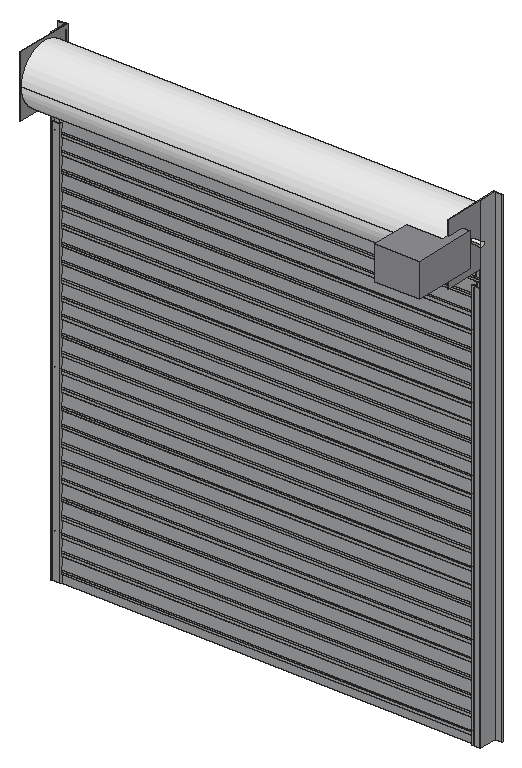
Revit family "Doors_Industrial_Overhead-Door-Corporation_Upward-Coiling-Security-Grilles-674", category Specialty Equipment, host Wall, Revit 2026 (continued)
Definition of nested family "Motor"
  Definition of nested family "2D_NotScalableMain_29e791da-3db9-4234-ab15-44456784202b"
    Lines and regions (in)
      Masking region 5, in view "Ref. Level", visible <- "Wall Mount"
        outline origin (0, 0, 0) x (1, 0, 0) y (0, 1, 0)
          loop
            line (2.988, 1.46193) -> (3.108, 1.46193) -> (3.108, 4.96193) -> (4.988, 4.96193) -> (4.988, 5.08193) -> (2.988, 5.08193) -> (2.988, 1.46193)
      Masking region 6, in view "Ref. Level", visible <- "Bench Mount"
        outline origin (0, 0, 0) x (1, 0, 0) y (0, 1, 0)
          loop
            line (-7.24, 9.2698) -> (-7.1205, 9.2698) -> (-7.1205, 9.1098) -> (-4.3324, 9.1098) -> (-4.3324, 17.4298) -> (-7.1205, 17.4298) -> (-7.1205, 17.2698) -> (-7.24, 17.2698) -> (-7.24, 9.2698)
      Masking region 7, in view "Ref. Level", visible <- "Chain Hoist"
        outline origin (0, -6.98957, 0) x (1, 0, 0) y (0, 1, 0)
          loop
            line (4.7396, 6.58957) -> (7.2495, 6.58957) -> (7.2495, 3.98957) -> (7.52, 3.98957) -> (7.52, 6.58957) -> (8.82, 6.58957) -> (8.82, 7.38957) -> (7.52, 7.38957) -> (7.52, 9.98957) -> (7.2495, 9.98957) -> (7.2495, 7.38957) -> (4.7396, 7.38957) -> (4.7396, 6.58957)
      Masking region 8, in view "Ref. Level", visible <- "E-Egress"
        outline origin (0, 0, 0) x (1, 0, 0) y (0, 1, 0)
          loop
            line (-6.9985, -0.96741) -> (-5.7485, -0.96741) -> (-5.7485, -0.30491) -> (-5.5274, -0.30491) -> (-5.5274, -1.76746) -> (-5.42825, -1.86661) -> (-4.5757, -1.86661) -> (-4.5757, -3.22517) -> (-4.134, -3.22517) -> (-4.134, -5.05565) -> (-4.3324, -5.05565) -> (-4.3324, -5.3122)
            arc (-4.3324, -5.3122) -> (-4.24466, -5.55085) -> (-4.02324, -5.67585) r 0.36846
            arc (-4.02324, -5.67585) -> (0, -6.0017) -> (4.02324, -5.67585) r 25
            arc (4.02324, -5.67585) -> (4.24466, -5.55085) -> (4.3324, -5.3122) r 0.36846
            line (4.3324, -5.3122) -> (4.3324, -5.05565) -> (4.116, -5.05565) -> (4.116, -3.22517) -> (4.57, -3.22517) -> (4.57, -1.27241) -> (4.799, -1.27241) -> (4.799, -0.84111) -> (5.199, -0.84111) -> (5.199, 0.79) -> (7.2495, 0.79) -> (7.2495, -1.81) -> (7.52, -1.81) -> (7.52, 0.79) -> (8.82, 0.79) -> (8.82, 1.59) -> (7.52, 1.59) -> (7.52, 4.19) -> (7.2495, 4.19) -> (7.2495, 1.59) -> (4.57, 1.59) -> (4.57, 3.22517) -> (2.988, 3.22517) -> (2.988, 4.96193) -> (-2.988, 4.96193) -> (-2.988, 3.22517) -> (-4.5757, 3.22517) -> (-4.5757, 1.86661) -> (-5.42825, 1.86661) -> (-5.5274, 1.76746) -> (-5.5274, 0.30491) -> (-5.7485, 0.30491) -> (-5.7485, 0.96741) -> (-6.9985, 0.96741) -> (-6.9985, -0.96741)
      reference lines, in view "Ref. Level"
        curve 1: line (0, 0, 0) -> (0, 0.125, 0)
        curve 2: line (0, 0, 0) -> (0.125, 0, 0)
      detail lines, in view "Ref. Level", visible <- "Not Top + Bench"
        curve 3: line (7.2495, 4.19, 0) -> (7.2495, -1.81, 0)
        curve 4: line (7.52, 4.19, 0) -> (7.52, -1.81, 0)
        curve 5: line (-4.134, -2.29347, 0) -> (-4.134, -5.05565, 0)
        curve 6: line (4.116, -2.29347, 0) -> (4.116, -5.05565, 0)
        curve 7: line (-4.134, -2.41307, 0) -> (4.116, -2.41307, 0)
        curve 8: line (4.116, -2.29347, 0) -> (3.108, -2.29347, 0)
        curve 9: line (2.988, -2.17347, 0) -> (2.988, 4.96193, 0)
        curve 10: line (2.988, 4.96193, 0) -> (-2.988, 4.96193, 0)
        curve 11: line (-2.988, 4.96193, 0) -> (-2.988, -2.17347, 0)
        curve 12: arc (-2.988, -2.17347, 0) -> (-3.02315, -2.25832, 0) -> (-3.108, -2.29347, 0) r 0.12
        curve 13: arc (3.108, -2.29347, 0) -> (3.02315, -2.25832, 0) -> (2.988, -2.17347, 0) r 0.12
        curve 14: line (4.57, -3.22517, 0) -> (4.57, 0.77483, 0)
        curve 15: line (4.799, -1.27241, 0) -> (4.799, 0.77483, 0)
        curve 16: line (5.199, -0.84111, 0) -> (5.199, 0.77483, 0)
        curve 17: line (-4.5757, -3.22517, 0) -> (-4.5757, 3.22517, 0)
        curve 18: line (-5.42825, -1.86661, 0) -> (-5.42825, 1.86661, 0)
        curve 19: line (-5.5274, 1.76746, 0) -> (-5.5274, -1.76746, 0)
        curve 20: line (-5.7485, -0.96741, 0) -> (-5.7485, 0.96741, 0)
        curve 21: line (-4.134, -2.29347, 0) -> (-3.108, -2.29347, 0)
        curve 22: line (5.199, 0.77483, 0) -> (2.988, 0.77483, 0)
        curve 23: line (4.57, 1.59, 0) -> (2.988, 1.59, 0)
      detail lines, in view "Ref. Level", visible <- "Top + Bench"
        curve 24: line (-4.5757, -3.22517, 0) -> (-4.5757, 3.22517, 0)
        curve 25: line (-5.42825, 1.86661, 0) -> (-5.42825, -1.86661, 0)
        curve 26: line (-5.5274, 1.76746, 0) -> (-5.5274, -1.76746, 0)
        curve 27: line (-5.7485, -0.96741, 0) -> (-5.7485, 0.96741, 0)
        curve 28: line (-4.3324, 1.8898, 0) -> (-4.3324, 19.24819, 0)
        curve 29: line (-4.3324, 1.8898, 0) -> (4.3324, 1.8898, 0)
        curve 30: line (4.3324, 1.8898, 0) -> (4.3324, 19.24819, 0)
        curve 31: line (4.57, 3.22517, 0) -> (4.57, -3.22517, 0)
        curve 32: line (4.799, 1.27241, 0) -> (4.799, -1.22759, 0)
        curve 37: line (2.988, 20.0298, 0) -> (2.988, 19.24819, 0)
        curve 38: line (-2.988, 20.0298, 0) -> (-2.988, 19.24819, 0)
        curve 39: line (-3.108, 19.24819, 0) -> (-0.988, 19.24819, 0)
        curve 40: line (0.988, 19.24819, 0) -> (3.108, 19.24819, 0)
      detail lines, in view "Ref. Level", visible <- "Chain Hoist"
        curve 33: line (7.2495, 3, 0) -> (7.2495, -3, 0)
        curve 34: line (7.52, -3, 0) -> (7.52, 3, 0)
      detail lines, in view "Ref. Level", visible <- "Bench Mount"
        curve 35: line (-7.1205, 17.4298, 0) -> (-7.1205, 9.1098, 0)
        curve 36: line (-6.9985, 17.4298, 0) -> (-6.9985, 9.1098, 0)
      detail lines, in view "Ref. Level", visible <- "E-Egress"
        curve 41: line (7.2495, 4.19, 0) -> (7.2495, -1.81, 0)
        curve 42: line (7.52, 4.19, 0) -> (7.52, -1.81, 0)
        curve 43: line (-4.134, -2.29347, 0) -> (-4.134, -5.05565, 0)
        curve 44: line (4.116, -2.29347, 0) -> (4.116, -5.05565, 0)
        curve 45: line (-4.134, -2.41307, 0) -> (4.116, -2.41307, 0)
        curve 46: line (4.116, -2.29347, 0) -> (3.108, -2.29347, 0)
        curve 47: line (2.988, -2.17347, 0) -> (2.988, 4.96193, 0)
        curve 48: line (2.988, 4.96193, 0) -> (-2.988, 4.96193, 0)
        curve 49: line (-2.988, 4.96193, 0) -> (-2.988, -2.17347, 0)
        curve 50: arc (-2.988, -2.17347, 0) -> (-3.02315, -2.25832, 0) -> (-3.108, -2.29347, 0) r 0.12
        curve 51: arc (3.108, -2.29347, 0) -> (3.02315, -2.25832, 0) -> (2.988, -2.17347, 0) r 0.12
        curve 52: line (4.57, -3.22517, 0) -> (4.57, 0.77483, 0)
        curve 53: line (4.799, -1.27241, 0) -> (4.799, 0.77483, 0)
        curve 54: line (5.199, -0.84111, 0) -> (5.199, 0.77483, 0)
        curve 55: line (-4.5757, -3.22517, 0) -> (-4.5757, 3.22517, 0)
        curve 56: line (-5.42825, -1.86661, 0) -> (-5.42825, 1.86661, 0)
        curve 57: line (-5.5274, 1.76746, 0) -> (-5.5274, -1.76746, 0)
        curve 58: line (-5.7485, -0.96741, 0) -> (-5.7485, 0.96741, 0)
        curve 59: line (-4.134, -2.29347, 0) -> (-3.108, -2.29347, 0)
        curve 60: line (5.199, 0.77483, 0) -> (2.988, 0.77483, 0)
        curve 61: line (4.57, 1.59, 0) -> (2.988, 1.59, 0)
    Dimensions and locks (in)
      curve 1 to curve 1 = 1/8"
      curve 2 to curve 2 = 1/8"
      aligned and locked: plane 1 "Center (Front/Back)" to curve 1
      aligned and locked: plane 3 "Center (Left/Right)" to curve 1
      aligned and locked: plane 1 "Center (Front/Back)" to curve 2
Definition of nested family "626"
  Parameters (values of type "Vision lites 1”x10” - Gray")
    Void Width = 1"  # constant formula
    Void Offset [instance] = 3/8"
    Void Height [instance] = 3.544"  # constant formula
    Slat Width [instance] = 0.438"  # constant formula
    Slat Position + Offset [instance] = Slat Position + Cutout Vertical Offset  # 16.658"
    Slat Position [instance] = 4.762" * 3  # 14.286"
    Slat Option [instance] = 3
    Rough Height = 0"
    Perforation = yes
    Cutout Width Offset [instance] = 1"  # constant formula
    Cutout Width = 0.094"  # constant formula
    Cutout Thickness [instance] = 3/4"  # constant formula
    Cutout Material 1 = none
    Cutout Horizontal Offset [instance] = 1"  # constant formula
    Panel Material = none
    Opening Width [instance] = 128"
    Cutout Vertical Offset [instance] = 2.372"  # constant formula
    Default Elevation = 48"
    Analytic Construction = "<None>"
  Reference planes (in)
    plane 1 "Center (Front/Back)": y = 0
    plane 2: z = 0
    plane 3 "Center (Left/Right)": x = 0
    plane 4: x = -64
    plane 5: x = 64
    plane 6: y = 0.438
    plane 7: y = 0.219
    plane 8: y = 0.08988
    plane 9: x = -63
    plane 10: x = 63
  Forms (in)
    Extrusion 1, void
      sketch origin (0, 0, 0) x (0, 1, 0) y (0, 0, 1)
        loop
          line (-0.41012, 4.144) -> (-0.41012, 0.6) -> (0.58988, 0.6) -> (0.58988, 4.144) -> (-0.41012, 4.144)
        loop
          line (-0.41012, 8.906) -> (-0.41012, 5.362) -> (0.58988, 5.362) -> (0.58988, 8.906) -> (-0.41012, 8.906)
        loop
          line (-0.41012, 13.668) -> (-0.41012, 10.124) -> (0.58988, 10.124) -> (0.58988, 13.668) -> (-0.41012, 13.668)
      from -63 to 63
    Extrusion 2, solid, material <- "Panel Material"
      sketch origin (0, -4.90531, 12.78) x (0, 1, 0) y (0, 0, 1)
        loop
          line (5.34274, -12.79582) -> (5.3608, -12.54647) -> (5.2692, -12.26013)
          arc (5.2692, -12.26013) -> (5.25294, -12.24443) -> (5.23087, -12.24936) r 0.02386
          line (5.23087, -12.24936) -> (5.02449, -12.42787) -> (5.32975, -8.21273) -> (5.236, -8.20594)
          arc (5.236, -8.20594) -> (5.31056, -8.13277) -> (5.34274, -8.03338) r 0.219
          line (5.34274, -8.03338) -> (5.3608, -7.78403) -> (5.2692, -7.49769)
          arc (5.2692, -7.49769) -> (5.25294, -7.48199) -> (5.23087, -7.48692) r 0.02386
          line (5.23087, -7.48692) -> (5.02449, -7.66543) -> (5.32975, -3.45029) -> (5.236, -3.4435)
          arc (5.236, -3.4435) -> (5.31056, -3.37033) -> (5.34274, -3.27094) r 0.219
          line (5.34274, -3.27094) -> (5.3608, -3.02159) -> (5.2692, -2.73525)
          arc (5.2692, -2.73525) -> (5.25294, -2.71955) -> (5.23087, -2.72448) r 0.02386
          line (5.23087, -2.72448) -> (5.02449, -2.90299) -> (5.32975, 1.31215) -> (5.236, 1.31894) -> (4.92394, -2.98995) -> (4.8758, -3.65469) -> (5.17474, -3.80795)
          arc (5.17474, -3.80795) -> (5.1984, -3.80749) -> (5.21108, -3.78751) r 0.025
          line (5.21108, -3.78751) -> (4.92394, -7.75239) -> (4.8758, -8.41713) -> (5.17474, -8.57039)
          arc (5.17474, -8.57039) -> (5.1984, -8.56993) -> (5.21108, -8.54995) r 0.025
          line (5.21108, -8.54995) -> (4.92394, -12.51483) -> (4.8758, -13.17957) -> (5.17474, -13.33283)
          arc (5.17474, -13.33283) -> (5.1984, -13.33237) -> (5.21108, -13.31239) r 0.025
          line (5.21108, -13.31239) -> (5.236, -12.96838)
          arc (5.236, -12.96838) -> (5.31056, -12.89521) -> (5.34274, -12.79582) r 0.219
      from -64 to 64
  Cuts and joins
    Extrusion 1 cuts Extrusion 2
  Lines and regions (in)
    reference lines
      curve 1: line (0, -2.86663, 16.658) -> (0, 7.54137, 16.658)
      curve 2: line (0, -2.86663, 11.896) -> (0, 7.54137, 11.896)
      curve 3: line (0, -2.86663, 2.372) -> (0, 7.54137, 2.372)
      curve 4: line (0, -2.86663, 7.134) -> (0, 7.54137, 7.134)
  Dimensions and locks (in)
    equal spacing: plane 4, plane 3 "Center (Left/Right)", plane 5
    "Opening Width": plane 4 to plane 5
    "Slat Width": plane 1 "Center (Front/Back)" to plane 6
    equal spacing: plane 1 "Center (Front/Back)", plane 7, plane 6
    "Cutout Width Offset": plane 4 to plane 9
    "Cutout Width Offset": plane 5 to plane 10
    "Void Height": Extrusion 1 sketch curve to Extrusion 1 sketch curve  (x3)
    "Slat Position": curve 3 to curve 1
    equal spacing: Extrusion 1 sketch curve, curve 3, Extrusion 1 sketch curve
    equal spacing: Extrusion 1 sketch curve, curve 2, Extrusion 1 sketch curve
    equal spacing: curve 3, curve 4, curve 2, curve 1
    equal spacing: Extrusion 1 sketch curve, curve 4, Extrusion 1 sketch curve
    "Cutout Vertical Offset": curve 3 to plane 2
    "Void Width": Extrusion 1 sketch curve to Extrusion 1 sketch curve
    equal spacing: Extrusion 1 sketch curve, plane 8, Extrusion 1 sketch curve
    locked: plane 1 "Center (Front/Back)" to plane 8 at 0.08988
    aligned and locked: plane 2 to level
    aligned and locked: plane 8 to nested 1
    aligned and locked: plane 3 "Center (Left/Right)" to nested 1
    aligned and locked: Extrusion 1 sketch curve to Extrusion 1 sketch curve  (x4)
    aligned and locked: plane 9 to Extrusion 1
    aligned and locked: plane 10 to Extrusion 1
    aligned and locked: plane 3 "Center (Left/Right)" to nested 2
    aligned and locked: plane 3 "Center (Left/Right)" to nested 3
    aligned and locked: plane 8 to nested 2
    aligned and locked: plane 8 to nested 3
    aligned and locked: plane 5 to Extrusion 2
    aligned and locked: plane 4 to Extrusion 2
  Automatic sketch dimensions
    plane 1 "Center (Front/Back)" to curve 4 = 2.86663"
    curve 2 to curve 4 = 0"
    curve 3 to curve 4 = 0"
    curve 1 to plane 6 = 7.10337"
    curve 2 to plane 6 = 7.10337"
    curve 3 to curve 2 = 0"
    curve 4 to curve 2 = 0"
    Extrusion 2 sketch curve to Extrusion 2 sketch curve = 0"  (x6)
    Extrusion 2 sketch curve to Extrusion 2 sketch curve = 0.04814"  (x3)
    Extrusion 2 sketch curve to Extrusion 2 sketch curve = 0.10054"  (x3)
    Extrusion 2 sketch curve to Extrusion 2 sketch curve = 0.20037"  (x3)
    Extrusion 2 sketch curve to Extrusion 2 sketch curve = 0.29894"  (x3)
    Extrusion 2 sketch curve to Extrusion 2 sketch curve = 0.01141"  (x3)
    Extrusion 2 sketch curve to Extrusion 2 sketch curve = 0.02493"  (x3)
    Extrusion 2 sketch curve to Extrusion 2 sketch curve = 0.20639"  (x3)
    Extrusion 2 sketch curve to Extrusion 2 sketch curve = 0.11168"  (x3)
    Extrusion 2 sketch curve to Extrusion 2 sketch curve = 1/64"  (x3)
    Extrusion 2 sketch curve to Extrusion 2 sketch curve = 0.02272"  (x3)
    Extrusion 2 sketch curve to Extrusion 2 sketch curve = 3/32"  (x3)
    Extrusion 2 sketch curve to Extrusion 2 sketch curve = 0.01299"  (x2)
    Extrusion 2 sketch curve to Extrusion 2 sketch curve = 0.10674"
    Extrusion 2 sketch curve to Extrusion 2 sketch curve = 0.01806"  (x2)
    Extrusion 2 sketch curve to Extrusion 2 sketch curve = 0.17256"
    Extrusion 2 sketch curve to Extrusion 2 sketch curve = 0.00679"  (x2)
    Extrusion 2 sketch curve to Extrusion 2 sketch curve = 0.21119"  (x3)
    Extrusion 2 sketch curve to Extrusion 2 sketch curve = 0.13101"  (x2)
    Extrusion 2 sketch curve to Extrusion 2 sketch curve = 0.17851"  (x2)
    Extrusion 2 sketch curve to Extrusion 2 sketch curve = 0.08696"  (x3)
    Extrusion 2 sketch curve to Extrusion 2 sketch curve = 0.23353"  (x3)
    Extrusion 2 sketch curve to Extrusion 2 sketch curve = 0.01582"  (x2)
    Extrusion 2 sketch curve to Extrusion 2 sketch curve = 0.00512"
    plane 1 "Center (Front/Back)" to curve 1 = 2.86663"
    Extrusion 2 sketch curve to level = 0"
    Extrusion 2 sketch curve to plane 7 = 0"
    Extrusion 2 sketch curve to plane 6 = 0.01749"
    Extrusion 2 sketch curve to Extrusion 2 sketch curve = 0.26517"
  Nested families (in)
    nested 1: "Perforation" at (0, 0.08988, 2.372), type "Perforation"
      with Thickness 0.094"
    nested 2: "Perforation" at (0, 0.08988, 7.134), type "Perforation"
      with Thickness 0.094"
    nested 3: "Perforation" at (0, 0.08988, 11.896), type "Perforation"
      with Thickness 0.094"
  Definition of nested family "Perforation"
    Parameters (values of type "Perforation")
      Thickness = 0.438"
      Perforation = none
      Opening Width = 128"
      Offset = 1"
      Height = 3.544"
      Default Elevation = 48"
    Reference planes (in)
      plane 1 "Center (Front/Back)": y = 0
      plane 2: z = 0
      plane 3 "Center (Left/Right)": x = 0
      plane 4: z = 1.772
      plane 5: z = -1.772
      plane 6: y = -0.219
      plane 7: y = 0.219
      plane 8: x = -64
      plane 9: x = 64
      plane 10: x = -63
      plane 11: x = 63
    Forms (in)
      Extrusion 1, solid, material <- "Perforation"
        sketch origin (0, -0.19, 0) x (0, 1, 0) y (0, 0, 1)
          loop
            line (0.22766, 1.772) -> (-0.029, -1.772) -> (0.41015, -1.772) -> (0.66681, 1.772) -> (0.22766, 1.772)
        from -63 to 63
    Dimensions and locks (in)
      equal spacing: plane 4, level, plane 5
      "Height": plane 4 to plane 5
      equal spacing: plane 6, plane 1 "Center (Front/Back)", plane 7
      "Thickness": plane 6 to plane 7
      "Opening Width": plane 8 to plane 9
      "Offset": plane 8 to plane 10
      "Offset": plane 9 to plane 11
      equal spacing: plane 8, plane 3 "Center (Left/Right)", plane 9
      "Thickness": Extrusion 1 sketch curve to Extrusion 1 sketch curve
      locked: plane 5 to Extrusion 1 sketch curve (angle 85.8578°)  (x2)
      aligned and locked: plane 2 to level
      aligned and locked: plane 4 to Extrusion 1
      aligned and locked: Extrusion 1 to plane 10
      aligned and locked: plane 11 to Extrusion 1
      aligned and locked: Extrusion 1 sketch curve to plane 5
      aligned and locked: Extrusion 1 sketch curve to plane 4
      aligned and locked: plane 6 to Extrusion 1 sketch curve
Definition of nested family "Label Annotation 1"
  Parameters (values of type "Label Annotation 1-8")
    Label = "Area is too big. Please reduce Door Size."
  Reference planes (in)
    plane 1: y = 0
    plane 2: x = 0
  Text (in)
    label "Label" at (0.00375, -0.00345, 0), shows "Label"
Definition of nested family "Warning Sign"
  Parameters (values of type "Warning Sign")
    Warning Sign [instance] = no
    Default Elevation = 48"
  Reference planes (in)
    plane 1 "Center (Front/Back)": y = 0
    plane 2: z = 0
    plane 3 "Center (Left/Right)": x = 0
    plane 4: y = 0.5
    plane 5: y = -0.5
    plane 6: y = 1
    plane 7: y = 0.25
  Lines and regions (in)
    model lines
      curve 1: line (-2.26129, 1, 45.69444) -> (-26.3817, 1, 3.91667)
      curve 2: line (-25.25106, 1, 3.26389) -> (-1.13064, 1, 45.04167)
      curve 3: arc (2.26129, 1, 45.69444) -> (0, 1, 47) -> (-2.26129, 1, 45.69444) r 2.61111
      curve 4: arc (-1.13064, 1, 45.04167) -> (0, 1, 45.69444) -> (1.13064, 1, 45.04167) r 1.30556
      curve 5: line (1.13064, 1, 45.04167) -> (25.25106, 1, 3.26389)
      curve 6: line (26.3817, 1, 3.91667) -> (2.26129, 1, 45.69444)
      curve 7: arc (25.25106, 1, 3.26389) -> (25.25106, 1, 1.95833) -> (24.12041, 1, 1.30556) r 1.30556
      curve 8: arc (24.12041, 1, 0) -> (26.3817, 1, 1.30556) -> (26.3817, 1, 3.91667) r 2.61111
      curve 9: line (24.12041, 1, 1.30556) -> (-24.12041, 1, 1.30556)
      curve 10: line (-24.12041, 1, 0) -> (24.12041, 1, 0)
      curve 11: arc (-24.12041, 1, 1.30556) -> (-25.25106, 1, 1.95833) -> (-25.25106, 1, 3.26389) r 1.30556
      curve 12: arc (-26.3817, 1, 3.91667) -> (-26.3817, 1, 1.30556) -> (-24.12041, 1, 0) r 2.61111
      curve 13: arc (-2.29479, 1, 8.63537) -> (0, 1, 6.34057) -> (2.29479, 1, 8.63537) r 2.29479
      curve 14: arc (2.29479, 1, 8.63537) -> (0, 1, 10.93016) -> (-2.29479, 1, 8.63537) r 2.29479
      curve 15: arc (-1.6331, 1, 13.97069) -> (0.03439, 1, 12.53727) -> (1.69278, 1, 13.98121) r 1.68043
      curve 16: line (-3.77413, 1, 28.37873) -> (-1.6331, 1, 13.97069)
      curve 17: line (1.69278, 1, 13.98121) -> (3.73924, 1, 28.37873)
      curve 18: arc (3.73924, 1, 28.37873) -> (-0.01745, 1, 32.13541) -> (-3.77413, 1, 28.37873) r 3.75668
      curve 19: line (-2.26129, -0.5, 45.69444) -> (-26.3817, -0.5, 3.91667)
      curve 20: line (-25.25106, -0.5, 3.26389) -> (-1.13064, -0.5, 45.04167)
      curve 21: arc (2.26129, -0.5, 45.69444) -> (0, -0.5, 47) -> (-2.26129, -0.5, 45.69444) r 2.61111
      curve 22: arc (-1.13064, -0.5, 45.04167) -> (0, -0.5, 45.69444) -> (1.13064, -0.5, 45.04167) r 1.30556
      curve 23: line (1.13064, -0.5, 45.04167) -> (25.25106, -0.5, 3.26389)
      curve 24: line (26.3817, -0.5, 3.91667) -> (2.26129, -0.5, 45.69444)
      curve 25: arc (25.25106, -0.5, 3.26389) -> (25.25106, -0.5, 1.95833) -> (24.12041, -0.5, 1.30556) r 1.30556
      curve 26: arc (24.12041, -0.5, 0) -> (26.3817, -0.5, 1.30556) -> (26.3817, -0.5, 3.91667) r 2.61111
      curve 27: line (24.12041, -0.5, 1.30556) -> (-24.12041, -0.5, 1.30556)
      curve 28: line (-24.12041, -0.5, 0) -> (24.12041, -0.5, 0)
      curve 29: arc (-24.12041, -0.5, 1.30556) -> (-25.25106, -0.5, 1.95833) -> (-25.25106, -0.5, 3.26389) r 1.30556
      curve 30: arc (-26.3817, -0.5, 3.91667) -> (-26.3817, -0.5, 1.30556) -> (-24.12041, -0.5, 0) r 2.61111
      curve 31: arc (-2.29479, -0.5, 8.63537) -> (0, -0.5, 6.34057) -> (2.29479, -0.5, 8.63537) r 2.29479
      curve 32: arc (2.29479, -0.5, 8.63537) -> (0, -0.5, 10.93016) -> (-2.29479, -0.5, 8.63537) r 2.29479
      curve 33: arc (-1.6331, -0.5, 13.97069) -> (0.03439, -0.5, 12.53727) -> (1.69278, -0.5, 13.98121) r 1.68043
      curve 34: line (-3.77413, -0.5, 28.37873) -> (-1.6331, -0.5, 13.97069)
      curve 35: line (1.69278, -0.5, 13.98121) -> (3.73924, -0.5, 28.37873)
      curve 36: arc (3.73924, -0.5, 28.37873) -> (-0.01745, -0.5, 32.13541) -> (-3.77413, -0.5, 28.37873) r 3.75668
  Dimensions and locks (in)
    locked: plane 1 "Center (Front/Back)" to plane 4 at 0.5
    equal spacing: plane 1 "Center (Front/Back)", plane 7, plane 4
    locked: plane 4 to plane 6 at 0.5
    locked: plane 5 to plane 1 "Center (Front/Back)" at 0.5
    aligned and locked: plane 2 to level
  Automatic sketch dimensions
    curve 21 to curve 22 = 0"  (x2)
    curve 25 to curve 26 = 0"  (x2)
    curve 29 to curve 30 = 0"  (x2)
    curve 31 to curve 32 = 0"  (x2)
    curve 21 to plane 3 "Center (Left/Right)" = 0"
    curve 31 to plane 3 "Center (Left/Right)" = 0"
    curve 30 to level = 0"
    level to curve 27 = 1.30556"
    curve 26 to curve 27 = 1.30556"
    curve 29 to curve 27 = 1.30556"
    curve 23 to curve 25 = 0.65278"
    curve 20 to curve 29 = 0.65278"
    curve 24 to curve 23 = 0.65278"
    curve 19 to curve 20 = 0.65278"
    level to curve 32 = 8.63537"
    curve 34 to plane 3 "Center (Left/Right)" = 1.6331"
    curve 34 to curve 31 = 5.33532"
    plane 3 "Center (Left/Right)" to curve 35 = 1.69278"
    curve 35 to curve 34 = 0.01052"
    plane 3 "Center (Left/Right)" to curve 33 = 0.02908"
    curve 36 to plane 3 "Center (Left/Right)" = 0.01745"
    curve 36 to curve 33 = 14.16104"
    curve 22 to curve 36 = 16.01016"
    plane 3 "Center (Left/Right)" to curve 23 = 1.13064"
    curve 23 to curve 21 = 0.65278"
    curve 20 to plane 3 "Center (Left/Right)" = 1.13064"
    plane 3 "Center (Left/Right)" to curve 24 = 2.26129"
    curve 24 to curve 22 = 0.65278"
    curve 19 to plane 3 "Center (Left/Right)" = 2.26129"
    curve 34 to curve 36 = 3.75668"
    curve 30 to plane 3 "Center (Left/Right)" = 24.12041"
    plane 3 "Center (Left/Right)" to curve 25 = 24.12041"
    curve 31 to curve 31 = 2.29479"
    curve 3 to curve 4 = 0"  (x2)
    curve 7 to curve 8 = 0"  (x2)
    curve 11 to curve 12 = 0"  (x2)
    curve 13 to curve 14 = 0"  (x2)
    curve 3 to plane 3 "Center (Left/Right)" = 0"
    curve 13 to plane 3 "Center (Left/Right)" = 0"
    curve 12 to level = 0"
    level to curve 9 = 1.30556"
    curve 8 to curve 9 = 1.30556"
    curve 11 to curve 9 = 1.30556"
    curve 5 to curve 7 = 0.65278"
    curve 2 to curve 11 = 0.65278"
    curve 6 to curve 5 = 0.65278"
    curve 1 to curve 2 = 0.65278"
    level to curve 14 = 8.63537"
    curve 16 to plane 3 "Center (Left/Right)" = 1.6331"
    curve 16 to curve 13 = 5.33532"
    plane 3 "Center (Left/Right)" to curve 17 = 1.69278"
    curve 17 to curve 16 = 0.01052"
    plane 3 "Center (Left/Right)" to curve 15 = 0.02908"
    curve 18 to plane 3 "Center (Left/Right)" = 0.01745"
    curve 18 to curve 15 = 14.16104"
    curve 4 to curve 18 = 16.01016"
    plane 3 "Center (Left/Right)" to curve 5 = 1.13064"
    curve 5 to curve 3 = 0.65278"
    curve 2 to plane 3 "Center (Left/Right)" = 1.13064"
    plane 3 "Center (Left/Right)" to curve 6 = 2.26129"
    curve 6 to curve 4 = 0.65278"
    curve 1 to plane 3 "Center (Left/Right)" = 2.26129"
    curve 16 to curve 18 = 3.75668"
    curve 12 to plane 3 "Center (Left/Right)" = 24.12041"
    plane 3 "Center (Left/Right)" to curve 7 = 24.12041"
    curve 13 to curve 13 = 2.29479"
Types (9): name | Voltage | Operator Visibility | Number of Poles | Hood Offset | Headroom Height Real | Headroom Height | Frequency | Door Height True | Door Height (Real) | Floor To (CL) of Shaft | Chain Hoist or Manual | Current | Calculated Area | Apparent Load Phase 3 | Apparent Load Phase 2 | Apparent Load Phase 1
  115 volts, one phase, 60 Hz (110-120V range) | 115 V | yes | 1 | 5" | 23" | 23" | 60 Hz | 143" | 125" | 134" | no | 20 A | 104.601 SF | 0 VA | 0 VA | 2300 VA
  Chain Hoist | 0 V | yes | 1 | 3" | 21" | 21" | 0 Hz | 141" | 123" | 132" | yes | 0 A | 102.927 SF | 0 VA | 0 VA | 0 VA
  Manual push-up | 0 V | no | 1 | 3" | 21" | 21" | 0 Hz | 141" | 123" | 132" | yes | 0 A | 102.927 SF | 0 VA | 0 VA | 0 VA
  230 volts, three phase, 60 Hz (208-245V range) | 230 V | yes | 3 | 5" | 23" | 23" | 60 Hz | 143" | 125" | 134" | no | 20 A | 104.601 SF | 2655.81 VA | 2655.81 VA | 2655.81 VA
  230 volts, single phase, 60 Hz (208-245V range) | 230 V | yes | 1 | 5" | 23" | 23" | 60 Hz | 143" | 125" | 134" | no | 20 A | 104.601 SF | 0 VA | 0 VA | 4600 VA
  460 volts, three phase, 60 Hz (456-495V range) | 460 V | yes | 3 | 5" | 23" | 23" | 60 Hz | 143" | 125" | 134" | no | 20 A | 104.601 SF | 5311.62 VA | 5311.62 VA | 5311.62 VA
  208 volts, one phase, 60 Hz (190-207V range) | 208 V | yes | 1 | 5" | 23" | 23" | 60 Hz | 143" | 125" | 134" | no | 20 A | 104.601 SF | 0 VA | 0 VA | 4160 VA
  208 volts, three phase, 60 Hz (190-207V range) | 208 V | yes | 3 | 5" | 23" | 23" | 60 Hz | 143" | 125" | 134" | no | 20 A | 104.601 SF | 2401.78 VA | 2401.78 VA | 2401.78 VA
  575 volts, three phase, 60 Hz | 575 V | yes | 3 | 5" | 23" | 23" | 60 Hz | 143" | 125" | 134" | no | 20 A | 104.601 SF | 6639.53 VA | 6639.53 VA | 6639.53 VA
